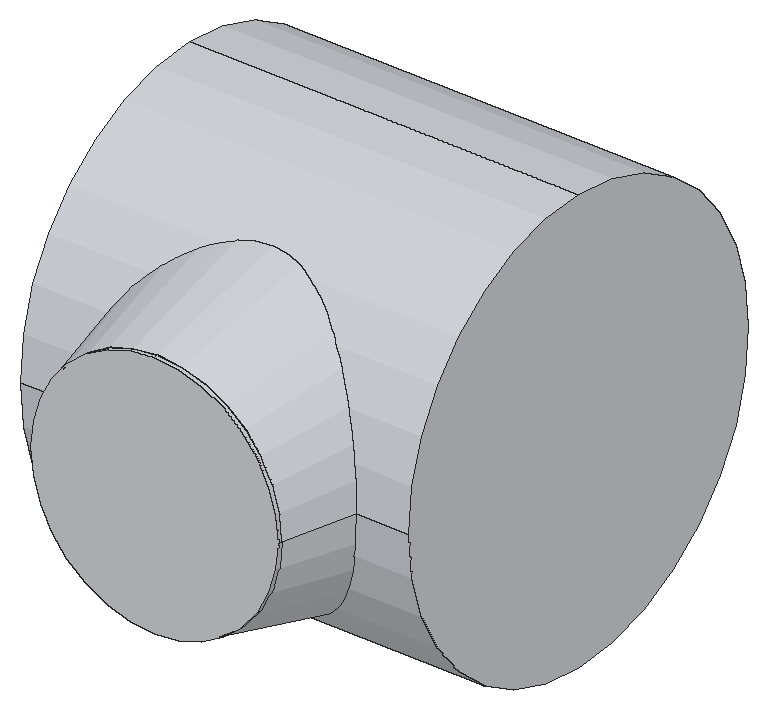
Revit family "M_Round Cross - Conical", category Duct Fittings, Revit 2014
Parameters (values of type "Standard")
  StubLength [instance] = 6 mm
  Duct Radius 1 [instance] = 300 mm
  L1 [instance] = ConeBaseRadius * 2  # 550 mm
  Duct Radius 4 [instance] = 175 mm
  Duct Radius 3 [instance] = 75 mm
  Duct Diameter 4 [instance] = 2 * Duct Radius 4  # 350 mm
  D3 ConeLength [instance] = -ConeLength  # -400 mm
  Duct Diameter 3 [instance] = 2 * Duct Radius 3  # 150 mm
  Duct Diameter 1 [instance] = 2 * Duct Radius 1  # 600 mm
  ConeLength [instance] = Duct Radius 1 + ConeExtension  # 400 mm
  ConeLeg [instance] = 50 mm
  ConeExtension [instance] = 100 mm
  ConeBaseRadius [instance] = if(Duct Radius 3 > Duct Radius 4, Duct Radius 3 + ConeLeg * 2, Duct Radius 4 + ConeLeg * 2)  # 275 mm
  Assembly Code = ""
Reference planes
  plane 1 "Center (Front/Back)": y = 0
  plane 2: z = 0
  plane 3 "Center (Left/Right)": x = 0
  plane 4: x = -275
  plane 5: x = 275
  plane 6: y = 400
  plane 7: y = -400
  plane 8: y = 406
  plane 9: y = -406
Forms (mm)
  Sweep 1, solid, detail levels medium+fine
    path in 3D
      loop
        line (-275, 0, 0) -> (275, 0, 0)
    profile "M_Duct - Round : Duct - Round 1" origin (0, 0, 0) x (0, 1, 0) y (0, 0, 1)
      loop
        arc (-300, 0) -> (-212.132, -212.132) -> (0, -300) r 300
        arc (0, -300) -> (212.132, -212.132) -> (300, 0) r 300
        arc (300, 0) -> (212.132, 212.132) -> (0, 300) r 300
        arc (0, 300) -> (-212.132, 212.132) -> (-300, 0) r 300
  Sweep 2, solid, detail levels medium+fine
    path in 3D
      loop
        line (0, 406, 0) -> (0, 400, 0)
    profile "M_Duct - Round : Duct - Round 3" origin (0, 403, 0) x (1, 0, 0) y (0, 0, 1)
      loop
        arc (-75, 0) -> (-53.033, -53.033) -> (0, -75) r 75
        arc (0, -75) -> (53.033, -53.033) -> (75, 0) r 75
        arc (75, 0) -> (53.033, 53.033) -> (0, 75) r 75
        arc (0, 75) -> (-53.033, 53.033) -> (-75, 0) r 75
  Sweep 3, solid, detail levels medium+fine
    path in 3D
      loop
        line (0, -400, 0) -> (0, -406, 0)
    profile "M_Duct - Round : Duct - Round 4" origin (0, -403, 0) x (1, 0, 0) y (0, 0, 1)
      loop
        arc (-175, 0) -> (-123.744, -123.744) -> (0, -175) r 175
        arc (0, -175) -> (123.744, -123.744) -> (175, 0) r 175
        arc (175, 0) -> (123.744, 123.744) -> (0, 175) r 175
        arc (0, 175) -> (-123.744, 123.744) -> (-175, 0) r 175
  Blend 4, solid, detail levels medium+fine
    base sketch origin (0, 0, 0) x (1, 0, 0) y (0, 0, 1)
      loop
        circle (0, 0) r 275
    top sketch origin (0, 0, 0) x (1, 0, 0) y (0, 0, 1)
      loop
        circle (0, 0) r 175
    from 0 to 400 <- "ConeLength"
  Blend 5, solid, detail levels medium+fine
    base sketch origin (0, 0, 0) x (1, 0, 0) y (0, 0, 1)
      loop
        circle (0, 0) r 275
    top sketch origin (0, 0, 0) x (1, 0, 0) y (0, 0, 1)
      loop
        circle (0, 0) r 75
    from 0 to -400 <- "D3 ConeLength"
Cuts and joins
  joined: Sweep 1, Blend 4, Blend 5
Lines and regions (mm)
  reference lines
    curve 1: line (-275, 0, 0) -> (275, 0, 0)
    curve 3: line (0, 406, 0) -> (0, 400, 0)
    curve 4: line (0, 298.4, 0) -> (0, 292.05, 0)
    curve 5: line (0, -81.469, 0) -> (0, -87.819, 0)
    curve 6: line (0, -400, 0) -> (0, -406, 0)
  sketch lines
    curve 2: line (-275, 0, 0) -> (275, 0, 0)
    curve 7: line (0, 406, 0) -> (0, 400, 0)
    curve 8: line (0, -400, 0) -> (0, -406, 0)
  model lines, style "DuctFitting", detail levels coarse
    curve 9: line (-275, 0, 0) -> (275, 0, 0)
    curve 10: line (0, 406, 0) -> (0, -406, 0)
Dimensions and locks
  "StubLength": plane 9 to plane 7
  "ConeLength": plane 1 "Center (Front/Back)" to plane 6
  "ConeLength": plane 7 to plane 1 "Center (Front/Back)"
  "StubLength": plane 6 to plane 8
  "ConeBaseRadius": plane 4 to plane 3 "Center (Left/Right)"
  "ConeBaseRadius": plane 3 "Center (Left/Right)" to plane 5
  "ConeBaseRadius": radius of Blend 4 sketch curve
  "Duct Radius 4": radius of Blend 4 sketch curve
  "ConeBaseRadius": radius of Blend 5 sketch curve
  "Duct Radius 3": radius of Blend 5 sketch curve
  aligned and locked: plane 5 to curve 1
  aligned and locked: plane 4 to curve 1
  aligned and locked: curve 1 to plane 1 "Center (Front/Back)"
  aligned and locked: plane 7 to curve 6
  aligned and locked: plane 9 to curve 6
  aligned and locked: plane 3 "Center (Left/Right)" to curve 6
  aligned and locked: plane 3 "Center (Left/Right)" to curve 5
  aligned and locked: plane 8 to curve 3
  aligned and locked: curve 4 to plane 3 "Center (Left/Right)"
  aligned and locked: plane 3 "Center (Left/Right)" to Blend 4 sketch curve  (x2)
  aligned and locked: Blend 4 sketch curve to plane 2  (x2)
  aligned and locked: curve 3 to plane 3 "Center (Left/Right)"
  aligned and locked: Blend 5 sketch curve to plane 3 "Center (Left/Right)"  (x2)
  aligned and locked: Blend 5 sketch curve to plane 2  (x2)
  aligned and locked: curve 10 to Sweep 2
  aligned and locked: connector elem to curve 10
  aligned and locked: Blend 5 to plane 6
  aligned and locked: Blend 5 to plane 1 "Center (Front/Back)"
  aligned and locked: Blend 4 to plane 1 "Center (Front/Back)"
  aligned and locked: plane 7 to Blend 4
  aligned and locked: plane 9 to curve 10
  aligned and locked: curve 9 to plane 1 "Center (Front/Back)"
  aligned and locked: plane 4 to curve 9
  aligned and locked: plane 5 to curve 9
  aligned and locked: curve 3 to cut or joined group of Sweep 1, Blend 4, Blend 5
Automatic sketch dimensions
  curve 3 to plane 6 = 0 mm
  plane 1 "Center (Front/Back)" to curve 5 = 87.819 mm
  curve 5 to curve 5 = 6.35 mm
  plane 6 to curve 4 = 107.95 mm
  curve 4 to curve 4 = 6.35 mm
Connectors
  hvac at (-275, 0, 0), driven by "Duct Radius 1"
    settings: on cut or joined group of Sweep 1, Blend 4, Blend 5, index 1, duct flow 0.0 L/s, flow factor 0, pres drop 0.0 Pa, loss coef 0, conn angle 0.00°, conn width 304.8 mm, conn height 304.8 mm, conn diameter 600 mm, duct sys type 28, conn prof type 0, flow config 0, flow direction 0, loss method 0, conn ref index 2, conn util no, is conn primary yes, conn desc ""
  hvac at (275, 0, 0), driven by "Duct Radius 1"
    settings: on cut or joined group of Sweep 1, Blend 4, Blend 5, index 2, duct flow 0.0 L/s, flow factor 0, pres drop 0.0 Pa, loss coef 0, conn angle 0.00°, conn width 304.8 mm, conn height 304.8 mm, conn diameter 600 mm, duct sys type 28, conn prof type 0, flow config 0, flow direction 0, loss method 0, conn ref index 1, conn util no, is conn primary no, conn desc ""
  hvac at (0, 406, 0), driven by "Duct Radius 3"
    settings: on Sweep 2, index 3, duct flow 0.0 L/s, flow factor 0, pres drop 0.0 Pa, loss coef 0, conn angle 0.00°, conn width 304.8 mm, conn height 304.8 mm, conn diameter 150 mm, duct sys type 28, conn prof type 0, flow config 0, flow direction 0, loss method 0, conn ref index 4, conn util no, is conn primary no, conn desc ""
  hvac at (0, -406, 0), driven by "Duct Radius 4"
    settings: on Sweep 3, index 4, duct flow 0.0 L/s, flow factor 0, pres drop 0.0 Pa, loss coef 0, conn angle 0.00°, conn width 304.8 mm, conn height 304.8 mm, conn diameter 350 mm, duct sys type 28, conn prof type 0, flow config 0, flow direction 0, loss method 0, conn ref index 3, conn util no, is conn primary no, conn desc ""
